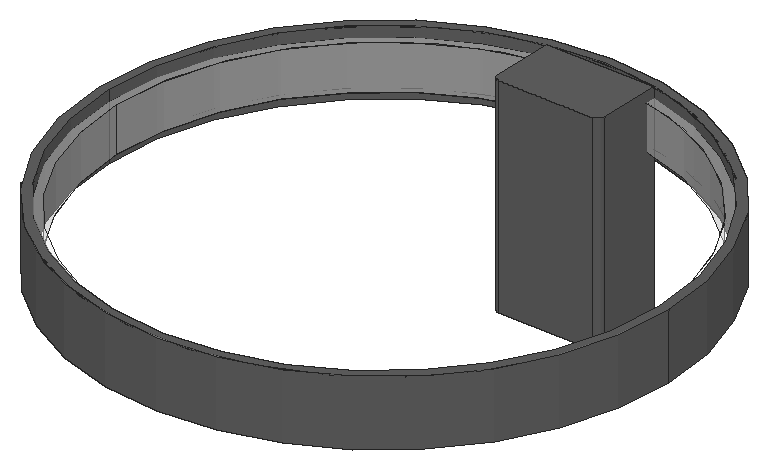
Revit family "PANZERI_ZERO_ROUND_WALL_LIGHT", category Lighting Fixtures, host Face, Revit 2018
Family settings
  Host = Face
  Round Connector Dimension = Use Diameter
  Part Type = Normal
  OmniClass Number = 23.80.70.00
  OmniClass Title = Lighting
  Cut with Voids When Loaded = No
  Light Source = No
  Shared = No
  Room Calculation Point = Yes
Parameters (values of type "Ø50cm_2700K_Black")
  WEIGHT = 0.62 kg  # constant formula
  WATTAGE = 13 W  # constant formula
  VOLTAGE = 0 V
  USAGE = "INDOOR - WALL"  # constant formula
  URL = "https://panzeri.it/en/"
  Type Comments = "Direct and indirect light emission."  # constant formula
  TECHNICAL SHEET = "https://panzeri.it/en/products/product-family/design/indoor/zero-round/109/"
  STRUCTURE MATERIAL = PANZERI_ALUMINIUM_POLYACRYLIC_PAINT_BLACK_02
  Light Source Symbol Size = 300 mm
  LIGHTING SPECIFICATION = "LED 13W | 2700K | Ra>90 | 796lm | 220-240V AC | ON-OFF"
  IP RATING = "IP40"  # constant formula
  IK RATING = ""
  HEIGHT = 95 mm  # constant formula
  FREQUENCY RANGE = "50/60Hz"  # constant formula
  FREQUENCY = 0 Hz
  PRODUCT SHEET = "https://www.archiproducts.com/en/products/panzeri/led-aluminium-wall-lamp-zero-round-wall-lamp_578605"
  PRODUCT CODE = "A03302.025.0501"
  POWER SUPPLY = "220-240V AC"  # constant formula
  PACKAGING = "31,0 x 31,0 x 20,0 cm"  # constant formula
  Model = "ZERO ROUND WALL"  # constant formula
  Manufacturer = "PANZERI"  # constant formula
  MATERIAL DESCRIPTION = "Pickled sheet metal wall bracket in polyacrylic paint. Pickled sheet metal wall plate in polyacrylic paint. Bended extruded aluminium structure in polyacrylic paint. Extruded polycarbonate diffuser with opaline finish."  # constant formula
  Lamp = "LED"  # constant formula
  LAMP MATERIAL = PANZERI_POLYCARBONATE_OPALINE_SCREEN_Light_on
  INSTALLATION INSTRUCTIONS = "https://panzeri.it/en/products/product-family/design/indoor/zero-round/109/"
  ENERGY EFFICIENCY CLASS = "N/D"  # constant formula
  Description = "Wall lighting fixture for interiors, with direct and indirect light emission."  # constant formula
  Default Elevation = 1219.2 mm
  DIAMETER = 260 mm  # constant formula
  DESIGNER = "Enzo Panzeri"  # constant formula
  COLOR RENDERING INDEX = "Ra>90"  # constant formula
  COLLECTION = "ZERO ROUND"  # constant formula
  BODY AND LIGHT SOURCE = 1_body_LightSource_PANZERI_ZERO_ROUND_WALL_LIGHT : Ø26cm_2700K_Black
  BIM USER MANUAL = "https://bimcad.edilportale.com/PANZERI-BIM-USER-MANUAL-PANZERI-bim.pdf"
  BIM BADGE = "https://bim.archiproducts.com/en/badge/bim-archiproducts-featured_658700/about"
  BIM AUTHOR = "https://bim.archiproducts.com"
  Apparent Load = 0 VA
  AVAILABLE FINISHES = "Structure: white, black, bronze, mat brass or titanium. CUSTOM finishes available only on request."  # constant formula
  ACCESSORIES = "DRIVER: integrated included"  # constant formula
Types (2, lengths in mm): name | LIGHTING SPECIFICATION | PRODUCT CODE | BODY AND LIGHT SOURCE
  Ø50cm_2700K_Black | "LED 13W | 2700K | Ra>90 | 796lm | 220-240V AC | ON-OFF" | "A03302.025.0501" | 1_body_LightSource_PANZERI_ZERO_ROUND_WALL_LIGHT : Ø26cm_2700K_Black
  Ø26cm_3000K_Black | "LED 13W | 3000K | Ra>90 | 796lm | 220-240V AC | ON-OFF" | "A03302.025.0401" | 1_body_LightSource_PANZERI_ZERO_ROUND_WALL_LIGHT : Ø26cm_3000K_Black
Reference planes
  plane 1 "Center (Front/Back)": y = 0
  plane 2: z = 0
  plane 3 "Center (Left/Right)": x = 0
  plane 4 "LIGHT SOURCE PLAN": z = 47.5
  plane 5 "TOP": z = 95
  plane 6 "BOTTOM": z = 0
  plane 7: z = 90.3
  plane 8: z = 4.7
Forms (mm)
  Extrusion 1, solid, material "PANZERI_ALUMINIUM_POLYACRYLIC_PAINT_BLACK_02" <- "STRUCTURE MATERIAL", detail levels fine
    sketch origin (0, 0, 0) x (1, 0, 0) y (0, 1, 0)
      loop
        arc (21.388, 92.398) -> (23.483, 93.265) -> (24.35, 95.36) r 2.962
        line (24.35, 95.36) -> (24.35, 123.298) -> (-24.35, 123.298) -> (-24.35, 95.36)
        arc (-24.35, 95.36) -> (-23.483, 93.265) -> (-21.388, 92.398) r 2.962
        line (-21.388, 92.398) -> (21.388, 92.398)
    from 0 to 95
  Extrusion 2, solid, detail levels medium
    sketch origin (0, 0, 0) x (1, 0, 0) y (0, 1, 0)
      loop
        arc (21.388, 92.398) -> (23.483, 93.265) -> (24.35, 95.36) r 2.962
        line (24.35, 95.36) -> (24.35, 123.298) -> (-24.35, 123.298) -> (-24.35, 95.36)
        arc (-24.35, 95.36) -> (-23.483, 93.265) -> (-21.388, 92.398) r 2.962
        line (-21.388, 92.398) -> (21.388, 92.398)
    from 0 to 95
Lines and regions (mm)
  symbolic lines, detail levels coarse
    curve 1: line (0, 123.298, 0) -> (0, 92.386, 0)
    curve 2: line (0, 123.298, 65) -> (0, 123.298, 0)
    curve 3: line (0, 92.386, 65) -> (0, 123.298, 65)
    curve 4: line (0, 92.386, 0) -> (0, 92.386, 65)
    curve 5: line (-24.35, 0, 65) -> (-24.35, 0, 0)
    curve 6: line (24.35, 0, 0) -> (24.35, 0, 65)
    curve 7: line (-24.35, 0, 0) -> (24.35, 0, 0)
    curve 8: line (24.35, 0, 65) -> (-24.35, 0, 65)
Dimensions and locks
  equal spacing: plane 5 "TOP", plane 4 "LIGHT SOURCE PLAN", plane 6 "BOTTOM"
  "HEIGHT": plane 5 "TOP" to plane 6 "BOTTOM"
  locked: plane 5 "TOP" to plane 7 at 4.7
  locked: plane 8 to plane 6 "BOTTOM" at 4.7
  aligned and locked: plane 2 to host face
  aligned and locked: level to host face
  aligned and locked: plane 6 "BOTTOM" to plane 2
  aligned and locked: nested 2 to plane 5 "TOP"
  aligned and locked: plane 5 "TOP" to Extrusion 1
Automatic sketch dimensions
  host sketch curve to host sketch curve = 2438.4 mm  (x2)
  Extrusion 1 sketch curve to plane 3 "Center (Left/Right)" = 24.35 mm
  Extrusion 1 sketch curve to Extrusion 1 sketch curve = 2.962 mm  (x2)
  plane 3 "Center (Left/Right)" to Extrusion 1 sketch curve = 21.388 mm
  Extrusion 1 sketch curve to plane 1 "Center (Front/Back)" = 92.398 mm
  Extrusion 1 sketch curve to Extrusion 1 sketch curve = 27.938 mm
  Extrusion 2 sketch curve to plane 3 "Center (Left/Right)" = 24.35 mm
  Extrusion 2 sketch curve to Extrusion 2 sketch curve = 2.962 mm  (x2)
  plane 3 "Center (Left/Right)" to Extrusion 2 sketch curve = 21.388 mm
  Extrusion 2 sketch curve to plane 1 "Center (Front/Back)" = 92.398 mm
  Extrusion 2 sketch curve to Extrusion 2 sketch curve = 27.938 mm
  curve 1 to level = 0 mm
  curve 1 to plane 1 "Center (Front/Back)" = 92.386 mm
  curve 3 to curve 3 = 30.912 mm
  plane 4 "LIGHT SOURCE PLAN" to curve 3 = 17.5 mm
  curve 5 to level = 0 mm
  curve 5 to plane 3 "Center (Left/Right)" = 24.35 mm
  plane 3 "Center (Left/Right)" to curve 7 = 24.35 mm
  plane 4 "LIGHT SOURCE PLAN" to curve 6 = 17.5 mm
Nested families
  nested 1: "Lighting symbol" at (0, 0, 0) x (0.7071, -0.7071, 0) z (0, 0, 1), Light Source Symbol Size <- "Light Source Symbol Size", type "Lighting symbol", detail levels coarse
    with Light Source Symbol Size 300 mm
  nested 2: "1_body_LightSource_PANZERI_ZERO_ROUND_WALL_LIGHT" at (0, 0, 65), LAMP MATERIAL <- "LAMP MATERIAL", STRUCTURE MATERIAL <- "STRUCTURE MATERIAL", type <- "BODY AND LIGHT SOURCE", type "Ø26cm_2700K_Black"
    with STRUCTURE MATERIAL PANZERI_ALUMINIUM_POLYACRYLIC_PAINT_BLACK_02, LED INNER DIAMETER 244 mm, LAMP MATERIAL PANZERI_POLYCARBONATE_OPALINE_SCREEN_Light_on, INNER DIAMETER 252 mm
Connectors
  electrical at (0, 103.685, 0), driven by "VOLTAGE", driven by "Apparent Load"
    settings: on Extrusion 1, index 1, voltage 0 V, apparent load 0 VA, apparent load phase1 0 VA, apparent load phase2 0 VA, apparent load phase3 0 VA, power factor 1, load classification "Lighting", number of poles 1, system type 30, power factor state 1, is connector primary yes, connector utility no, sub classification motor no, connector description ""
Definition of nested family "1_body_LightSource_PANZERI_ZERO_ROUND_WALL_LIGHT"
  Parameters (values of type "Ø26cm_2700K_Black")
    Wattage = 5.35876 W
    built-in parameter 1150110 = 1 (stored number, unit not read)
    built-in parameter 1114217 = 1 (stored number, unit not read)
    Tilt Angle = -90.00°  # constant formula
    built-in parameter 1150109 = 1 (stored number, unit not read)
    built-in parameter 1150134 = (empty or 0)
    built-in parameter 1150113 = 1 (stored number, unit not read)
    STRUCTURE MATERIAL [instance] = none
    Photometric Web File = "Zero Round 25 Wall A033__025.__01-1024.IES"
    Model = "ZERO ROUND WALL"
    built-in parameter 1150105 = 71.093 (stored number, unit not read)
    Lumens = 796 lm
    built-in parameter 1150115 = 1 (stored number, unit not read)
    built-in parameter 1150137 = (empty or 0)
    built-in parameter 1150139 = (empty or 0)
    built-in parameter 1150112 = 1 (stored number, unit not read)
    built-in parameter 1150114 = 1 (stored number, unit not read)
    LED INNER DIAMETER [instance] = INNER DIAMETER - 8 mm  # 244 mm
    LAMP MATERIAL [instance] = none
    built-in parameter 1150132 = 2
    built-in parameter 1150102 = (empty or 0)
    built-in parameter 1150107 = 2700 (stored number, unit not read)
    built-in parameter 1150138 = (empty or 0)
    built-in parameter 1150106 = 0.71093 (stored number, unit not read)
    INNER DIAMETER [instance] = DIAMETER - 8 mm  # 252 mm
    built-in parameter 1150104 = 13.8 (stored number, unit not read)
    Dimming Lamp Color Temperature Shift = (empty or 0)
    Default Elevation = 1219.2 mm
    DIAMETER = 260 mm
    Color Filter = 16777215
    built-in parameter 1114218 = 1 (stored number, unit not read)
    built-in parameter 1150133 = 10 (stored number, unit not read)
  Types (2, lengths in mm): name | built-in parameter 1150107
    Ø26cm_2700K_Black | 2700 (stored number, unit not read)
    Ø26cm_3000K_Black | 3000 (stored number, unit not read)
  Reference planes
    plane 1 "Light Source Axis (F/B)": y = 0
    plane 2: z = 0
    plane 3 "Light Source Axis (L/R)": x = 0
    plane 4 "Light Source Elevation": z = 15
  Forms (mm)
    Extrusion 1, solid, material <- "STRUCTURE MATERIAL", detail levels fine
      sketch origin (0, 0, -1000) x (1, 0, 0) y (0, 1, 0)
        loop
          circle (0, 0) r 130
        loop
          circle (0, 0) r 126
      from 1000 to 1030
    Extrusion 2, solid, material <- "LAMP MATERIAL", detail levels fine
      sketch origin (0, 0, -1000) x (1, 0, 0) y (0, 1, 0)
        loop
          circle (0, 0) r 126
        loop
          circle (0, 0) r 122
      from 1004.7 to 1025.3
    Extrusion 3, solid, detail levels medium
      sketch origin (0, 0, 0) x (1, 0, 0) y (0, 1, 0)
        loop
          circle (0, 0) r 130
      from 0 to 30
  Lines and regions (mm)
    symbolic lines
      curve 1: line (-130, 0, 30) -> (130, 0, 30)
      curve 2: line (-130, 0, 0) -> (-130, 0, 30)
      curve 3: line (130, 0, 0) -> (-130, 0, 0)
      curve 4: line (130, 0, 30) -> (130, 0, 0)
      curve 5: line (0, 130, 30) -> (0, -130, 30)
      curve 6: line (0, 130, 0) -> (0, 130, 30)
      curve 7: line (0, -130, 0) -> (0, 130, 0)
      curve 8: line (0, -130, 30) -> (0, -130, 0)
  Dimensions and locks
    locked: plane 4 "Light Source Elevation" to plane 2 at 15
    equal spacing: curve 6, plane 1 "Light Source Axis (F/B)", curve 8
    "DIAMETER": curve 6 to curve 8
    equal spacing: curve 4, plane 3 "Light Source Axis (L/R)", curve 2
    "DIAMETER": curve 2 to curve 4
    "DIAMETER": diameter of Extrusion 1 sketch curve
    "INNER DIAMETER": diameter of Extrusion 1 sketch curve
    "INNER DIAMETER": diameter of Extrusion 2 sketch curve
    "LED INNER DIAMETER": diameter of Extrusion 2 sketch curve
    "DIAMETER": diameter of Extrusion 3 sketch curve
    aligned and locked: level to plane 2
    aligned and locked: imposter light to plane 4 "Light Source Elevation"
    aligned and locked: imposter light to plane 3 "Light Source Axis (L/R)"
    aligned and locked: plane 1 "Light Source Axis (F/B)" to imposter light
  Automatic sketch dimensions
    curve 3 to level = 0 mm
    curve 2 to plane 4 "Light Source Elevation" = 15 mm
    curve 7 to level = 0 mm
    curve 6 to plane 4 "Light Source Elevation" = 15 mm
    Extrusion 1 sketch curve to Extrusion 1 sketch curve = 0 mm  (x2)
    plane 1 "Light Source Axis (F/B)" to Extrusion 1 sketch curve = 0 mm
    Extrusion 1 sketch curve to plane 3 "Light Source Axis (L/R)" = 0 mm
    Extrusion 2 sketch curve to Extrusion 2 sketch curve = 0 mm  (x2)
    plane 1 "Light Source Axis (F/B)" to Extrusion 2 sketch curve = 0 mm
    Extrusion 2 sketch curve to plane 3 "Light Source Axis (L/R)" = 0 mm
    plane 1 "Light Source Axis (F/B)" to Extrusion 3 sketch curve = 0 mm
    Extrusion 3 sketch curve to plane 3 "Light Source Axis (L/R)" = 0 mm
Definition of nested family "Lighting symbol"
  Parameters (values of type "Lighting symbol")
    Light Source Symbol Size [instance] = 350 mm
  Reference planes
    plane 1 "Center (Front/Back)": y = 0
    plane 2: z = 0
    plane 3 "Center (Left/Right)": x = 0
  Lines and regions (mm)
    detail lines, in view "Ref. Level", detail levels coarse
      curve 1: circle (0, 0, 0) r 175 normal (0, 0, 1)
      curve 2: line (175, 0, 0) -> (-175, 0, 0)
      curve 3: line (0, 175, 0) -> (0, -175, 0)
  Dimensions and locks
    "Light Source Symbol Size": diameter of curve 1
    aligned and locked: curve 3 to plane 3 "Center (Left/Right)"
    aligned and locked: curve 2 to plane 1 "Center (Front/Back)"
  Automatic sketch dimensions
    plane 1 "Center (Front/Back)" to curve 1 = 0 mm
    curve 1 to plane 3 "Center (Left/Right)" = 0 mm
